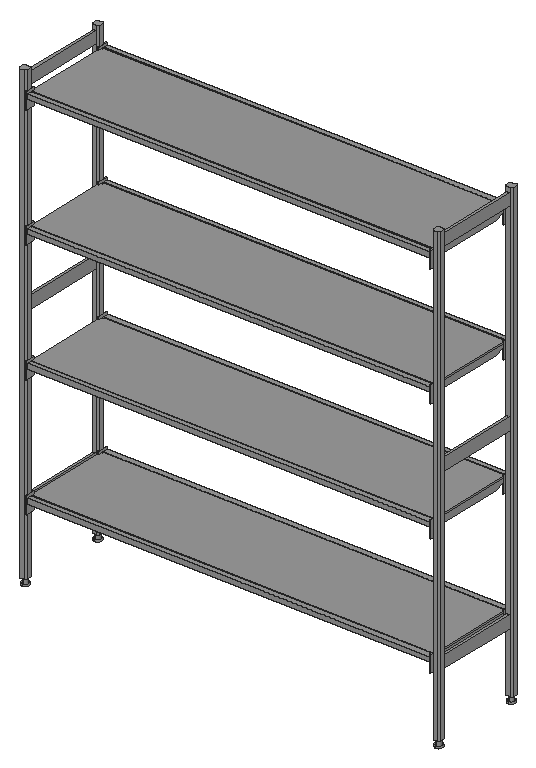
Revit family "QF_ELECTROLUXPROFESSIONAL_137018_ALS1569", category Attrezzature speciali, Revit 2020
Family settings
  Quota connettore circolare = Usa diametro
  Tipo di parte = Normale
  Basato su piano di lavoro = No
  Sempre verticale = Sì
  Taglio con vuoti quando caricato = No
  Condiviso = No
  Punto di calcolo locali = No
Parameters (values of type "Standard")
  Weight = 25.00 kg
  Watts = 0 W
  Volts = 0 V
  URL Manufacturer = "https://www.electroluxprofessional.com/"
  URL = "https://www.electroluxprofessional.com/"
  Steam Supply Size = 0 mm
  Steam Supply Minimum Pressure = 0.0 Pa
  Steam Supply Maximum Pressure = 0.0 Pa
  Steam Consumption per Hour = 0
  Refrigeration Suction Line Size = 0.0 mm
  Refrigeration Liquid Line Size = 0.0 mm
  Refrigerant Compressor Remote = yes
  Prospetto di default = 0.0 mm
  Phase = 0
  Modello = "ALS1569"
  Produttore = "Electrolux Professional"
  Length Actual = 1569.0 mm  # constant formula
  Item Number = "137018"
  Hot Water Size = 0 mm
  Height Actual = 1700.0 mm  # constant formula
  HP = "0 HP"
  Gas Size = 0 mm
  Gas KW = 0
  Gas Input Pressure = 0 W
  Direct Waste Size = 0 mm
  Descrizione = "ALUM.LINEAR SHELV.-POLY.TIERS-373X1569MM"
  Depth Actual = 373.0 mm  # constant formula
  Cycle = 0 Hz
  Condensate Return Size = 0 mm
  Compressed Air Volume = 0.0 L/s
  Compressed Air Size = 0 mm
  Compressed Air Pressure = 0.0 Pa
  Cold Water Size = 0 mm
  Accessory = yes
Reference planes
  plane 1: z = 0
  plane 2 "Center (Left/Right)": x = -31
  plane 3 "LEFT": x = -815.5
  plane 4 "RIGHT": x = 753.5
  plane 5 "BACK": y = 23
  plane 6 "FRONT": y = -350
  plane 7 "TOP": z = 1700
  plane 8: x = 748.5
  plane 9: x = -783.5
  plane 10: x = 721.5
  plane 11 "Center (Front/Back)": y = -163.5
  plane 12: x = 716.5
  plane 13: y = -8.5
  plane 14: y = -318.5
  plane 15 "FEET": z = 25
  plane 16: z = 275
  plane 17: z = 725
  plane 18: z = 1175
  plane 19: z = 1625
  plane 20 "CXLeft": x = -801.5
  plane 21 "CXRight": x = 739.5
  plane 22: y = 5.5
  plane 23 "CYBack": y = 5.5
  plane 24 "CYFront": y = -332.5
Forms (mm)
  Extrusion 1, solid, material "QF_Aluminum"
    sketch origin (-815.5, 0, 0) x (0, 1, 0) y (0, 0, 1)
      loop
        line (4, 1650.994) -> (4, 1632.998) -> (23, 1632.998) -> (23, 1650.994) -> (4, 1650.994)
      loop
        line (-331, 1650.994) -> (-350, 1650.994) -> (-350, 1632.998) -> (-331, 1632.998) -> (-331, 1650.994)
      loop
        line (4, 1200.994) -> (4, 1182.998) -> (23, 1182.998) -> (23, 1200.994) -> (4, 1200.994)
      loop
        line (-331, 1200.994) -> (-350, 1200.994) -> (-350, 1182.998) -> (-331, 1182.998) -> (-331, 1200.994)
      loop
        line (4, 750.994) -> (4, 732.998) -> (23, 732.998) -> (23, 750.994) -> (4, 750.994)
      loop
        line (-331, 750.994) -> (-350, 750.994) -> (-350, 732.998) -> (-331, 732.998) -> (-331, 750.994)
      loop
        line (4, 300.994) -> (4, 282.998) -> (23, 282.998) -> (23, 300.994) -> (4, 300.994)
      loop
        line (-331, 300.994) -> (-350, 300.994) -> (-350, 282.998) -> (-331, 282.998) -> (-331, 300.994)
    from 32 to 1537
  Extrusion 2, solid, material "QF_Polyethylene"
    sketch origin (-815.5, 0, 0) x (0, 1, 0) y (0, 0, 1)
      loop
        line (2.007, 1650.994) -> (-329, 1650.994) -> (-329, 1644.496) -> (2.007, 1644.496) -> (2.007, 1650.994)
      loop
        line (2.007, 1200.994) -> (-329, 1200.994) -> (-329, 1194.496) -> (2.007, 1194.496) -> (2.007, 1200.994)
      loop
        line (2.007, 750.994) -> (-329, 750.994) -> (-329, 744.496) -> (2.007, 744.496) -> (2.007, 750.994)
      loop
        line (2.007, 300.994) -> (-329, 300.994) -> (-329, 294.496) -> (2.007, 294.496) -> (2.007, 300.994)
    from 32 to 1537
  Extrusion 3, solid, material "QF_Aluminum"
    sketch origin (753.5, 0, 0) x (0, 1, 0) y (0, 0, 1)
      loop
        line (-12, 1632.998) -> (4, 1632.998) -> (4, 1650.994) -> (2.007, 1650.994) -> (2.007, 1644.496) -> (-329, 1644.496) -> (-329, 1650.994) -> (-331, 1650.994) -> (-331, 1632.998) -> (-315, 1632.998) -> (-281, 1620.994) -> (-46, 1620.994) -> (-12, 1632.998)
      loop
        line (-12, 1182.998) -> (4, 1182.998) -> (4, 1200.994) -> (2.007, 1200.994) -> (2.007, 1194.496) -> (-329, 1194.496) -> (-329, 1200.994) -> (-331, 1200.994) -> (-331, 1182.998) -> (-315, 1182.998) -> (-281, 1170.994) -> (-46, 1170.994) -> (-12, 1182.998)
      loop
        line (-12, 732.998) -> (4, 732.998) -> (4, 750.994) -> (2.007, 750.994) -> (2.007, 744.496) -> (-329, 744.496) -> (-329, 750.994) -> (-331, 750.994) -> (-331, 732.998) -> (-315, 732.998) -> (-281, 720.994) -> (-46, 720.994) -> (-12, 732.998)
      loop
        line (-12, 282.998) -> (4, 282.998) -> (4, 300.994) -> (2.007, 300.994) -> (2.007, 294.496) -> (-329, 294.496) -> (-329, 300.994) -> (-331, 300.994) -> (-331, 282.998) -> (-315, 282.998) -> (-281, 270.994) -> (-46, 270.994) -> (-12, 282.998)
    from -32 to -37
Lines and regions (mm)
  symbolic lines
    curve 1: line (721.5, 4, 1700) -> (-783.5, 4, 1700)
    curve 2: line (-787.5, 23, 1700) -> (725.5, 23, 1700)
    curve 3: line (725.5, 13.246, 1700) -> (731.754, 19.5, 1700)
    curve 4: line (731.754, -8.5, 1700) -> (725.5, -2.246, 1700)
    curve 5: line (731.754, -318.5, 1700) -> (725.5, -324.754, 1700)
    curve 6: line (-787.5, -350, 1700) -> (725.5, -350, 1700)
    curve 7: line (725.5, 23, 1700) -> (725.5, -12.993, 1700)
    curve 8: line (725.5, -12.993, 1700) -> (721.5, -12.993, 1700)
    curve 9: line (725.5, -350, 1700) -> (725.5, -314.007, 1700)
    curve 10: line (725.5, -314.007, 1700) -> (721.5, -314.007, 1700)
    curve 11: line (-783.5, -12.993, 1700) -> (-783.5, -314.007, 1700)
    curve 12: line (-783.5, -331, 1700) -> (721.5, -331, 1700)
    curve 13: line (721.5, -12.993, 1700) -> (721.5, -314.007, 1700)
Dimensions and locks
  locked: plane 3 "LEFT" to plane 4 "RIGHT" at 1569
  equal spacing: plane 3 "LEFT", plane 2 "Center (Left/Right)", plane 4 "RIGHT"
  locked: plane 7 "TOP" to level at 1700
  locked: plane 5 "BACK" to plane 6 "FRONT" at 373
  locked: plane 4 "RIGHT" to plane 8 at 5
  locked: plane 9 to plane 10 at 1505
  locked: plane 3 "LEFT" to plane 9 at 32
  plane 12 to plane 10 = 5.0 mm
  locked: plane 13 to plane 14 at 310
  equal spacing: plane 13, plane 11 "Center (Front/Back)", plane 14
  equal spacing: plane 5 "BACK", plane 11 "Center (Front/Back)", plane 6 "FRONT"
  plane 15 "FEET" to level = 25.0 mm
  plane 7 "TOP" to plane 15 "FEET" = 1675.0 mm
  plane 16 to plane 15 "FEET" = 250.0 mm
  plane 17 to plane 16 = 450.0 mm
  plane 18 to plane 17 = 450.0 mm
  plane 19 to plane 18 = 450.0 mm
  locked: plane 3 "LEFT" to plane 20 "CXLeft" at 14
  locked: plane 21 "CXRight" to plane 4 "RIGHT" at 14
  locked: plane 5 "BACK" to plane 23 "CYBack" at 17.5
  locked: plane 24 "CYFront" to plane 6 "FRONT" at 17.5
  aligned and locked: level to plane 1
  aligned and locked: plane 9 to Extrusion 2
  aligned and locked: Extrusion 2 to plane 10
  aligned and locked: plane 9 to Extrusion 1
  aligned and locked: Extrusion 1 to plane 10
  aligned and locked: Extrusion 1 sketch curve to Extrusion 1 sketch curve  (x2)
  aligned and locked: Extrusion 3 sketch curve to Extrusion 3 sketch curve  (x3)
  aligned and locked: Extrusion 3 to plane 12
  aligned and locked: Extrusion 3 to plane 10
  aligned and locked: plane 20 "CXLeft" to nested 1
  aligned and locked: plane 21 "CXRight" to nested 2
Automatic sketch dimensions
  Extrusion 1 sketch curve to plane 6 "FRONT" = 0.0 mm  (x4)
  Extrusion 1 sketch curve to plane 5 "BACK" = 0.0 mm  (x4)
  plane 24 "CYFront" to Extrusion 1 sketch curve = 1.5 mm  (x2)
  plane 22 to Extrusion 1 sketch curve = 1.5 mm  (x4)
  plane 16 to Extrusion 1 sketch curve = 7.998 mm  (x2)
  Extrusion 1 sketch curve to Extrusion 1 sketch curve = 17.997 mm  (x8)
  plane 17 to Extrusion 1 sketch curve = 7.998 mm  (x2)
  plane 18 to Extrusion 1 sketch curve = 7.998 mm  (x2)
  plane 19 to Extrusion 1 sketch curve = 7.998 mm  (x2)
  plane 24 "CYFront" to Extrusion 2 sketch curve = 3.5 mm  (x4)
  plane 22 to Extrusion 2 sketch curve = 3.493 mm  (x4)
  plane 16 to Extrusion 2 sketch curve = 19.496 mm
  Extrusion 2 sketch curve to Extrusion 2 sketch curve = 6.499 mm  (x4)
  plane 17 to Extrusion 2 sketch curve = 19.496 mm
  plane 18 to Extrusion 2 sketch curve = 19.496 mm
  plane 19 to Extrusion 2 sketch curve = 19.496 mm
  plane 24 "CYFront" to Extrusion 3 sketch curve = 1.5 mm  (x4)
  Extrusion 3 sketch curve to Extrusion 3 sketch curve = 2.0 mm
  plane 14 to Extrusion 3 sketch curve = 3.5 mm  (x4)
  Extrusion 3 sketch curve to plane 16 = 4.006 mm
  Extrusion 3 sketch curve to Extrusion 3 sketch curve = 34.0 mm  (x4)
  Extrusion 3 sketch curve to plane 17 = 4.006 mm
  Extrusion 3 sketch curve to plane 18 = 4.006 mm
  Extrusion 3 sketch curve to plane 19 = 4.006 mm
  Extrusion 3 sketch curve to plane 13 = 37.5 mm  (x4)
  Extrusion 3 sketch curve to plane 13 = 3.5 mm  (x4)
  plane 22 to Extrusion 3 sketch curve = 3.493 mm  (x4)
  plane 22 to Extrusion 3 sketch curve = 1.5 mm  (x4)
  plane 16 to Extrusion 3 sketch curve = 7.998 mm  (x2)
  Extrusion 3 sketch curve to Extrusion 3 sketch curve = 11.498 mm  (x4)
  Extrusion 3 sketch curve to Extrusion 3 sketch curve = 6.499 mm  (x8)
  plane 17 to Extrusion 3 sketch curve = 7.998 mm  (x2)
  plane 18 to Extrusion 3 sketch curve = 7.998 mm  (x2)
  plane 19 to Extrusion 3 sketch curve = 7.998 mm  (x2)
  curve 6 to plane 6 "FRONT" = 0.0 mm
  curve 12 to plane 9 = 0.0 mm
  curve 12 to plane 10 = 0.0 mm
  curve 5 to plane 14 = 0.0 mm
  curve 11 to plane 9 = 0.0 mm
  curve 8 to plane 10 = 0.0 mm
  curve 4 to plane 13 = 0.0 mm
  curve 1 to plane 9 = 0.0 mm
  curve 1 to plane 10 = 0.0 mm
  curve 2 to plane 5 "BACK" = 0.0 mm
  plane 14 to curve 10 = 4.493 mm
  curve 7 to plane 13 = 4.493 mm
  curve 10 to plane 10 = 4.0 mm
  curve 7 to plane 10 = 4.0 mm
  plane 24 "CYFront" to curve 12 = 1.5 mm
  curve 5 to plane 14 = 6.254 mm
  plane 14 to curve 11 = 4.493 mm
  curve 11 to plane 13 = 4.493 mm
  plane 13 to curve 4 = 6.254 mm
  plane 22 to curve 1 = 1.5 mm
  curve 3 to plane 22 = 7.746 mm
  curve 3 to plane 5 "BACK" = 3.5 mm
  curve 5 to curve 9 = 6.254 mm
  curve 3 to curve 2 = 6.254 mm
  curve 4 to curve 7 = 6.254 mm
  plane 9 to curve 2 = 4.0 mm
  plane 9 to curve 6 = 4.0 mm
Nested families
  nested 1: "WT_Anta373" at (-398.5, 0, 0), type "WT_Anta373"
  nested 2: "WT_Anta373" at (336.5, 0, 0) x (-1, 0, 0) z (0, 0, 1), type "WT_Anta373"
Definition of nested family "WT_Anta373"
  Parameters
    WidthLeft = A + 64.0 mm  # 772.0 mm
    Width = 1606.0 mm
    Right = WidthLeft / 2  # 386.0 mm
    Default Elevation = 0.0 mm
    Left = -WidthLeft / 2  # -386.0 mm
    Height = 1725.0 mm
    FEET = 25.0 mm
    E = 0.0 mm
    Dint = Depth - 63.0 mm  # 310.0 mm
    Dext = Depth - 8.0 mm  # 365.0 mm
    Depth = 373.0 mm
    DX = (WidthLeft - A) / 2  # 32.0 mm
    B = 798.0 mm
    A = 708.0 mm
  Reference planes
    plane 1: z = 0
    plane 2 "LEFT": x = -417
    plane 3 "BACK": y = 23
    plane 4 "FRONT": y = -350
    plane 5 "TOP": z = 1725
    plane 6 "Center (Front/Back)": y = -163.5
    plane 7: y = -8.5
    plane 8: y = -318.5
    plane 9 "FEET": z = 25
    plane 10: z = 275
    plane 11: z = 725
    plane 12: z = 1175
    plane 13: z = 1625
    plane 14 "CXLeft": x = -403
    plane 15: y = 5.5
    plane 16 "CYBack": y = 5.5
    plane 17 "CYFront": y = -332.5
    plane 18: x = -385.031
    plane 19: x = -380.031
  Forms (mm)
    Extrusion 1, solid
      sketch origin (0, 0, 0) x (1, 0, 0) y (0, 1, 0)
        loop
          line (-417, 13.246) -> (-417, -2.246) -> (-410.746, -8.5) -> (-395.254, -8.5) -> (-389, -2.246) -> (-389, 13.246) -> (-395.254, 19.5) -> (-410.746, 19.5) -> (-417, 13.246)
      from 1725 to 25
    Extrusion 2, solid
      sketch origin (-417, 0, 0) x (0, 1, 0) y (0, 0, 1)
        loop
          line (23, 246.005) -> (23, 307.993) -> (-12.993, 307.993) -> (-12.993, 246.005) -> (23, 246.005)
        loop
          line (-350, 246.005) -> (-314.007, 246.005) -> (-314.007, 307.993) -> (-350, 307.993) -> (-350, 246.005)
        loop
          line (23, 696.005) -> (23, 757.993) -> (-12.993, 757.993) -> (-12.993, 696.005) -> (23, 696.005)
        loop
          line (-350, 696.005) -> (-314.007, 696.005) -> (-314.007, 757.993) -> (-350, 757.993) -> (-350, 696.005)
        loop
          line (23, 1146.005) -> (23, 1207.993) -> (-12.993, 1207.993) -> (-12.993, 1146.005) -> (23, 1146.005)
        loop
          line (-350, 1146.005) -> (-314.007, 1146.005) -> (-314.007, 1207.993) -> (-350, 1207.993) -> (-350, 1146.005)
        loop
          line (23, 1596.005) -> (23, 1657.993) -> (-12.993, 1657.993) -> (-12.993, 1596.005) -> (23, 1596.005)
        loop
          line (-350, 1596.005) -> (-314.007, 1596.005) -> (-314.007, 1657.993) -> (-350, 1657.993) -> (-350, 1596.005)
      from 28 to 32
    Revolve 3, solid
      sketch origin (-403, 0, 0) x (0, 1, 0) y (0, 0, 1)
        loop
          line (5.5, 25) -> (5.5, 0) -> (19, 0) -> (19, 5) -> (14, 5) -> (14, 25) -> (5.5, 25)
        axis (5.5, 25) -> (5.5, 0)
      angle from 0 to 360
    Extrusion 4, solid
      sketch origin (-403, 0, 0) x (0, 1, 0) y (0, 0, 1)
        loop
          line (-8.5, 912.382) -> (-8.5, 957.374) -> (-318.5, 957.374) -> (-318.5, 912.382) -> (-8.5, 912.382)
        loop
          line (-8.5, 1662.244) -> (-8.5, 1707.236) -> (-318.5, 1707.236) -> (-318.5, 1662.244) -> (-8.5, 1662.244)
      from -5 to 5
    Revolve 5, solid
      sketch origin (-403, -627, 0) x (0, -1, 0) y (0, 0, 1)
        loop
          line (-294.5, 25) -> (-294.5, 0) -> (-281, 0) -> (-281, 5) -> (-286, 5) -> (-286, 25) -> (-294.5, 25)
        axis (-294.5, 25) -> (-294.5, 0)
      angle from 0 to 360
    Extrusion 6, solid
      sketch origin (0, -627, 0) x (1, 0, 0) y (0, 1, 0)
        loop
          line (-417, 286.754) -> (-410.746, 280.5) -> (-395.254, 280.5) -> (-389, 286.754) -> (-389, 302.246) -> (-395.254, 308.5) -> (-410.746, 308.5) -> (-417, 302.246) -> (-417, 286.754)
      from 1725 to 25
    Extrusion 7, solid
      sketch origin (-417.031, -0.022, 0) x (0, 1, 0) y (0, 0, -1)
        loop
          line (-12, -1632.998) -> (-46, -1620.994) -> (-281, -1620.994) -> (-315, -1632.998) -> (-331, -1632.998) -> (-331, -1650.994) -> (-329, -1650.994) -> (-329, -1644.496) -> (2.007, -1644.496) -> (2.007, -1650.994) -> (4, -1650.994) -> (4, -1632.998) -> (-12, -1632.998)
        loop
          line (-12, -1182.998) -> (-46, -1170.994) -> (-281, -1170.994) -> (-315, -1182.998) -> (-331, -1182.998) -> (-331, -1200.994) -> (-329, -1200.994) -> (-329, -1194.496) -> (2.007, -1194.496) -> (2.007, -1200.994) -> (4, -1200.994) -> (4, -1182.998) -> (-12, -1182.998)
        loop
          line (-12, -732.998) -> (-46, -720.994) -> (-281, -720.994) -> (-315, -732.998) -> (-331, -732.998) -> (-331, -750.994) -> (-329, -750.994) -> (-329, -744.496) -> (2.007, -744.496) -> (2.007, -750.994) -> (4, -750.994) -> (4, -732.998) -> (-12, -732.998)
        loop
          line (-12, -282.998) -> (-46, -270.994) -> (-281, -270.994) -> (-315, -282.998) -> (-331, -282.998) -> (-331, -300.994) -> (-329, -300.994) -> (-329, -294.496) -> (2.007, -294.496) -> (2.007, -300.994) -> (4, -300.994) -> (4, -282.998) -> (-12, -282.998)
      from -32 to -37
    Extrusion 8, solid
      sketch origin (-403, 0, -659.878) x (0, 1, 0) y (0, 0, 1)
        loop
          line (-8.5, 912.382) -> (-8.5, 957.374) -> (-318.5, 957.374) -> (-318.5, 912.382) -> (-8.5, 912.382)
        loop
          line (-8.5, 1572.382) -> (-8.5, 1617.374) -> (-318.5, 1617.374) -> (-318.5, 1572.382) -> (-8.5, 1572.382)
        loop
          line (-8.5, 2322.382) -> (-8.5, 2367.374) -> (-318.5, 2367.374) -> (-318.5, 2322.382) -> (-8.5, 2322.382)
      from -5 to 5
  Lines and regions (mm)
    symbolic lines
      curve 1: line (-408, -8.5, 1725) -> (-408, -318.5, 1725)
      curve 2: line (-398, -318.5, 1725) -> (-398, -8.5, 1725)
      curve 3: line (-395.254, -8.5, 1725) -> (-410.746, -8.5, 1725)
      curve 4: line (-417, -2.246, 1725) -> (-410.746, -8.5, 1725)
      curve 5: line (-417, 13.246, 1725) -> (-417, -2.246, 1725)
      curve 6: line (-410.746, 19.5, 1725) -> (-417, 13.246, 1725)
      curve 7: line (-395.254, 19.5, 1725) -> (-410.746, 19.5, 1725)
      curve 8: line (-389, 13.246, 1725) -> (-395.254, 19.5, 1725)
      curve 9: line (-395.254, -8.5, 1725) -> (-389, -2.246, 1725)
      curve 10: line (-395.254, -318.5, 1725) -> (-410.746, -318.5, 1725)
      curve 11: line (-417, -324.754, 1725) -> (-410.746, -318.5, 1725)
      curve 12: line (-410.746, -346.5, 1725) -> (-417, -340.246, 1725)
      curve 13: line (-395.254, -346.5, 1725) -> (-410.746, -346.5, 1725)
      curve 14: line (-389, -340.246, 1725) -> (-395.254, -346.5, 1725)
      curve 15: line (-395.254, -318.5, 1725) -> (-389, -324.754, 1725)
      curve 16: line (-389, -350, 1725) -> (-389, -314.007, 1725)
      curve 17: line (-389, -314.007, 1725) -> (-385, -314.007, 1725)
      curve 18: line (-389, 23, 1725) -> (-389, -12.993, 1725)
      curve 19: line (-389, -12.993, 1725) -> (-385, -12.993, 1725)
      curve 20: line (-417, -324.754, 1725) -> (-417, -340.246, 1725)
      curve 21: line (-385, -350, 1725) -> (-385, -314.007, 1725)
      curve 22: line (-385, -350, 1725) -> (-389, -350, 1725)
      curve 23: line (-385, 23, 1725) -> (-389, 23, 1725)
      curve 24: line (-385, -12.993, 1725) -> (-385, 23, 1725)
      curve 25: line (-385.031, -13.016, 1725) -> (-385.031, -314.029, 1725)
  Dimensions and locks
    "Height": plane 5 "TOP" to level
    "Depth": plane 3 "BACK" to plane 4 "FRONT"
    "Dint": plane 7 to plane 8
    equal spacing: plane 7, plane 6 "Center (Front/Back)", plane 8
    equal spacing: plane 3 "BACK", plane 6 "Center (Front/Back)", plane 4 "FRONT"
    plane 9 "FEET" to level = 25.0 mm
    plane 5 "TOP" to plane 9 "FEET" = 1700.0 mm
    plane 10 to plane 9 "FEET" = 250.0 mm
    plane 11 to plane 10 = 450.0 mm
    plane 12 to plane 11 = 450.0 mm
    plane 13 to plane 12 = 450.0 mm
    locked: plane 2 "LEFT" to plane 14 "CXLeft" at 14
    locked: plane 3 "BACK" to plane 16 "CYBack" at 17.5
    locked: plane 17 "CYFront" to plane 4 "FRONT" at 17.5
    locked: Revolve 3 sketch curve to Revolve 3 sketch curve at 8.5
    locked: Revolve 3 sketch curve to plane 16 "CYBack" at 13.5
    locked: Revolve 5 sketch curve to Revolve 5 sketch curve at 8.5
    aligned and locked: level to plane 1
    aligned and locked: curve 20 to Extrusion 6
    aligned and locked: plane 5 "TOP" to Extrusion 1
    aligned and locked: plane 5 "TOP" to Extrusion 6
    aligned and locked: Extrusion 7 sketch curve to Extrusion 7 sketch curve  (x3)
  Automatic sketch dimensions
    curve 16 to plane 4 "FRONT" = 0.0 mm
    curve 11 to plane 8 = 0.0 mm
    curve 9 to plane 7 = 0.0 mm
    curve 5 to plane 2 "LEFT" = 0.0 mm
    curve 23 to plane 3 "BACK" = 0.0 mm
    plane 4 "FRONT" to curve 13 = 3.5 mm
    curve 20 to plane 17 "CYFront" = 7.746 mm
    curve 20 to plane 8 = 6.254 mm
    plane 8 to curve 16 = 4.493 mm
    curve 24 to plane 18 = 0.031 mm
    curve 24 to plane 7 = 4.493 mm
    plane 7 to curve 5 = 6.254 mm
    curve 5 to plane 15 = 7.746 mm
    curve 6 to plane 3 "BACK" = 3.5 mm
    curve 21 to plane 18 = 0.031 mm
    plane 18 to curve 23 = 3.969 mm
    plane 18 to curve 16 = 3.969 mm
    curve 18 to curve 8 = 6.254 mm
    curve 18 to curve 3 = 6.254 mm
    curve 16 to curve 13 = 6.254 mm
    curve 16 to curve 15 = 6.254 mm
    plane 2 "LEFT" to curve 10 = 6.254 mm
    plane 2 "LEFT" to curve 7 = 6.254 mm
    plane 2 "LEFT" to curve 12 = 6.254 mm
    plane 2 "LEFT" to curve 3 = 6.254 mm
    curve 14 to plane 17 "CYFront" = 7.746 mm
    curve 15 to plane 8 = 6.254 mm
    plane 7 to curve 9 = 6.254 mm
    curve 8 to plane 15 = 7.746 mm
    curve 3 to curve 2 = 2.746 mm
    curve 1 to curve 10 = 2.746 mm
    Extrusion 1 sketch curve to plane 2 "LEFT" = 0.0 mm
    Extrusion 1 sketch curve to plane 7 = 0.0 mm
    plane 2 "LEFT" to Extrusion 1 sketch curve = 6.254 mm  (x2)
    plane 14 "CXLeft" to Extrusion 1 sketch curve = 7.746 mm  (x2)
    Extrusion 1 sketch curve to plane 3 "BACK" = 3.5 mm
    plane 18 to Extrusion 1 sketch curve = 3.969 mm
    plane 7 to Extrusion 1 sketch curve = 6.254 mm  (x2)
    Extrusion 1 sketch curve to plane 15 = 7.746 mm  (x2)
    Extrusion 2 sketch curve to plane 4 "FRONT" = 0.0 mm  (x4)
    Extrusion 2 sketch curve to plane 3 "BACK" = 0.0 mm  (x4)
    plane 8 to Extrusion 2 sketch curve = 4.493 mm  (x4)
    Extrusion 2 sketch curve to plane 7 = 4.493 mm  (x4)
    Extrusion 2 sketch curve to plane 10 = 28.995 mm  (x2)
    plane 10 to Extrusion 2 sketch curve = 32.993 mm  (x2)
    Extrusion 2 sketch curve to plane 11 = 28.995 mm  (x2)
    plane 11 to Extrusion 2 sketch curve = 32.993 mm  (x2)
    Extrusion 2 sketch curve to plane 12 = 28.995 mm  (x2)
    plane 12 to Extrusion 2 sketch curve = 32.993 mm  (x2)
    Extrusion 2 sketch curve to plane 13 = 28.995 mm  (x2)
    plane 13 to Extrusion 2 sketch curve = 32.993 mm  (x2)
    Revolve 3 sketch curve to plane 9 "FEET" = 0.0 mm  (x2)
    Revolve 3 sketch curve to plane 15 = 0.0 mm  (x2)
    Revolve 3 sketch curve to level = 0.0 mm
    level to Revolve 3 sketch curve = 5.0 mm
    Revolve 3 sketch curve to Revolve 3 sketch curve = 11.655 mm
    Extrusion 4 sketch curve to plane 8 = 0.0 mm  (x2)
    Extrusion 4 sketch curve to plane 7 = 0.0 mm  (x2)
    plane 11 to Extrusion 4 sketch curve = 187.382 mm
    Extrusion 4 sketch curve to Extrusion 4 sketch curve = 44.992 mm
    plane 13 to Extrusion 4 sketch curve = 37.244 mm
    Extrusion 4 sketch curve to plane 5 "TOP" = 17.764 mm
    Revolve 5 sketch curve to plane 9 "FEET" = 0.0 mm  (x2)
    Revolve 5 sketch curve to plane 17 "CYFront" = 0.0 mm  (x2)
    Revolve 5 sketch curve to level = 0.0 mm
    Revolve 5 sketch curve to plane 4 "FRONT" = 4.0 mm
    Revolve 5 sketch curve to Revolve 5 sketch curve = 5.0 mm
    level to Revolve 5 sketch curve = 11.655 mm
    Extrusion 6 sketch curve to plane 2 "LEFT" = 0.0 mm
    Extrusion 6 sketch curve to plane 8 = 0.0 mm
    Extrusion 6 sketch curve to plane 2 "LEFT" = 6.254 mm  (x2)
    Extrusion 6 sketch curve to plane 14 "CXLeft" = 7.746 mm  (x2)
    Extrusion 6 sketch curve to plane 4 "FRONT" = 3.5 mm
    Extrusion 6 sketch curve to plane 18 = 3.969 mm
    plane 8 to Extrusion 6 sketch curve = 6.254 mm  (x2)
    plane 17 "CYFront" to Extrusion 6 sketch curve = 7.746 mm  (x2)
    plane 17 "CYFront" to Extrusion 7 sketch curve = 1.478 mm  (x4)
    Extrusion 7 sketch curve to Extrusion 7 sketch curve = 2.0 mm
    plane 8 to Extrusion 7 sketch curve = 3.478 mm  (x4)
    Extrusion 7 sketch curve to plane 10 = 4.006 mm
    Extrusion 7 sketch curve to Extrusion 7 sketch curve = 34.0 mm  (x4)
    Extrusion 7 sketch curve to plane 11 = 4.006 mm
    Extrusion 7 sketch curve to plane 12 = 4.006 mm
    Extrusion 7 sketch curve to plane 13 = 4.006 mm
    Extrusion 7 sketch curve to plane 7 = 37.522 mm  (x4)
    Extrusion 7 sketch curve to plane 7 = 3.522 mm  (x4)
    plane 15 to Extrusion 7 sketch curve = 3.516 mm  (x4)
    plane 15 to Extrusion 7 sketch curve = 1.522 mm  (x4)
    plane 13 to Extrusion 7 sketch curve = 7.998 mm  (x2)
    Extrusion 7 sketch curve to Extrusion 7 sketch curve = 11.498 mm
    Extrusion 7 sketch curve to Extrusion 7 sketch curve = 6.499 mm  (x5)
    plane 12 to Extrusion 7 sketch curve = 25.994 mm  (x2)
    plane 12 to Extrusion 7 sketch curve = 7.998 mm  (x2)
    plane 11 to Extrusion 7 sketch curve = 25.994 mm  (x2)
    plane 11 to Extrusion 7 sketch curve = 7.998 mm  (x2)
    plane 10 to Extrusion 7 sketch curve = 25.994 mm  (x2)
    plane 10 to Extrusion 7 sketch curve = 7.998 mm  (x2)
    curve 25 to plane 18 = 0.0 mm
    plane 8 to curve 25 = 4.471 mm
    curve 25 to plane 7 = 4.516 mm
    Extrusion 8 sketch curve to plane 8 = 0.0 mm  (x3)
    Extrusion 8 sketch curve to plane 7 = 0.0 mm  (x3)
    Extrusion 8 sketch curve to plane 10 = 22.496 mm
    plane 10 to Extrusion 8 sketch curve = 22.496 mm
    plane 11 to Extrusion 8 sketch curve = 187.504 mm
    Extrusion 8 sketch curve to Extrusion 8 sketch curve = 44.992 mm
    plane 13 to Extrusion 8 sketch curve = 37.504 mm
    Extrusion 8 sketch curve to plane 5 "TOP" = 17.504 mm
